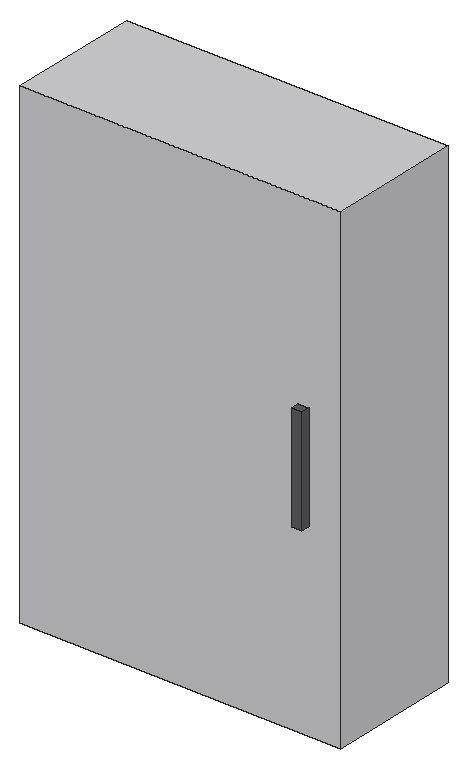
Revit family "EQ_DB Wall Mounted", category Electrical Equipment, Revit 2025
Family settings
  Panel Configuration = Two Columns, Circuits Across
  Round Connector Dimension = Use Diameter
  Part Type = Panelboard
  OmniClass Number = 23.80.30.11.17
  OmniClass Title = Distribution Boards and Control Panels
  Work Plane-Based = No
  Always vertical = Yes
  Cut with Voids When Loaded = No
  Maintain Annotation Orientation = No
  Shared = No
  Room Calculation Point = No
Parameters (values of type "DB 400/230V")
  built-in parameter 1140142 [instance] = -1
  built-in parameter 1140140 [instance] = 1 (stored number, unit not read)
  built-in parameter 1155100 [instance] = -1
  EL Voltage [instance] = 400 V
  EL Number of Poles [instance] = 3
  Default Elevation = 0 mm
Reference planes
  plane 1 "Center (Front/Back)": y = 0
  plane 2: z = 0
  plane 3 "Center (Left/Right)": x = 0
Forms (mm)
  Extrusion 1, solid, material "DB Grey"
    sketch origin (0, 0, 0) x (1, 0, 0) y (0, 1, 0)
      loop
        line (-300, -250) -> (300, -250) -> (300, 0) -> (-300, 0) -> (-300, -250)
    from 0 to 900
  Extrusion 2, solid, material "Plinth Black"
    sketch origin (0, 0, 350) x (1, 0, 0) y (0, 1, 0)
      loop
        line (220, -265) -> (240, -265) -> (240, -250) -> (220, -250) -> (220, -265)
    from 0 to 200
Dimensions and locks
  aligned and locked: level to plane 2
Connectors
  electrical at (0, -125, 900), driven by "EL Voltage", driven by "EL Number of Poles"
    settings: on Extrusion 1, index 1, voltage 400 V, apparent load 0 VA, apparent load phase1 0 VA, apparent load phase2 0 VA, apparent load phase3 0 VA, power factor 1, load classification "Other", number of poles 3, system type 30, power factor state 1, is connector primary yes, connector utility no, sub classification motor no, connector description ""
